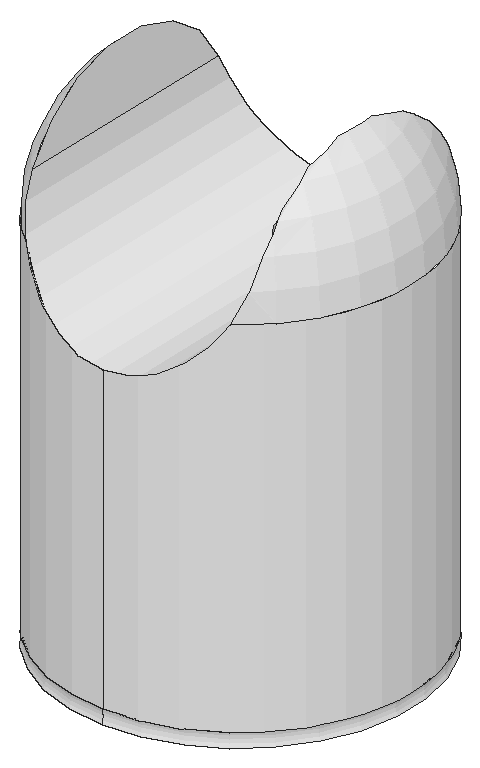
Revit family "Fixture_Wall_Bracket-American_Standard-8888.036", category Specialty Equipment, host Face, Revit 2014
Parameters (values of type "8888.036")
  Width = 1 1/2"
  Warranty Information = "One Year Limited Warranty"  # constant formula
  URL = "https://www.americanstandard-us.com/"
  Type Comments = ""
  Product Page URL = "https://www.americanstandard-us.com/bathroom/shower-faucets/fixed-wall-bracket-17031"
  Product Documentation Link = "https://www.americanstandard-us.com/-/media/sites/asus/files/product-specs/shower-faucets/2017/fixture-wall-bracket-and-slide-bar-8888036-1660225-1660236/spec-sheet-8888036-1660225-1660236.pdf?la=en"
  Price = "Prices may vary. Please consult Manufacturer Representative for most up-to-date price list."  # constant formula
  Model = "8888.036"
  Material = "Brass-American Standard-002-Polished Chrome"
  Manufacturer = "American Standard"
  Length = 2 3/16"
  Installation Type = "Wall Mounted"  # constant formula
  Finish = Brass-American Standard-002-Polished Chrome
  Description = "Fixture Wall Bracket"  # constant formula
  Default Elevation = 56"  # constant formula
  Creation Date = "01/01/2018"  # constant formula
  Assembly Code = "C1030200"
Reference planes (in)
  plane 1 "Center (Front/Back)": y = 0
  plane 2: z = 0
  plane 3 "Center (Left/Right)": x = 0
  plane 4: z = 2.1875
  plane 5: y = 0.75
  plane 6: y = -0.75
Forms (in)
  Extrusion 1, void
    sketch origin (1.75, 0.05656, -0.31568) x (0, 0, 1) y (-1, 0, 0)
      loop
        line (2.19727, 1.25) -> (3.31947, 1.25) -> (3.31947, 2.25) -> (2.19727, 2.25)
        arc (2.19727, 2.25) -> (1.69727, 1.75) -> (2.19727, 1.25) r 0.5
    from -0.89529 to 1.0084
  Extrusion 2, void
    sketch origin (0, 0, 0) x (1, 0, 0) y (0, 1, 0)
      loop
        circle (0, 0.4251) r 0.15717
    from 1.04576 to 2.25882
  Revolve 3, solid, material "Brass-American Standard-002-Polished Chrome" <- "Finish"
    sketch origin (0, 0, -1.22313) x (0, 0, 1) y (0, 1, 0)
      loop
        line (1.22313, 0) -> (3.57227, 0) -> (3.57227, 0.05131)
        arc (3.57227, 0.05131) -> (3.36763, 0.54536) -> (2.87358, 0.75) r 0.69869
        line (2.87358, 0.75) -> (1.28456, 0.75)
        arc (1.28456, 0.75) -> (1.25385, 0.74418) -> (1.22313, 0.75) r 0.08395
        line (1.22313, 0.75) -> (1.22313, 0)
      axis (1.22313, 0) -> (3.57227, 0)
    angle from 0 to 360
Cuts and joins
  Extrusion 1, Extrusion 2 cuts Revolve 3
Lines and regions (in)
  Masking region 1
    outline origin (0, 0, 0) x (1, 0, 0) y (0, 0, 1)
      loop
        line (-0.75, 0) -> (0.75, 0)
        arc (0.75, 0) -> (0.74375, 0.03071) -> (0.75, 0.06143) r 0.07861
        line (0.75, 0.06143) -> (0.75, 1.66241)
        arc (0.75, 1.66241) -> (0.68428, 1.95209) -> (0.5, 2.18507) r 0.67135
        line (0.5, 2.18507) -> (0.5, 1.88158)
        arc (0.5, 1.88158) -> (0, 1.38158) -> (-0.5, 1.88158) r 0.5
        line (-0.5, 1.88158) -> (-0.5, 2.18507)
        arc (-0.5, 2.18507) -> (-0.68428, 1.95209) -> (-0.75, 1.66241) r 0.67135
        line (-0.75, 1.66241) -> (-0.75, 0.06143)
        arc (-0.75, 0.06143) -> (-0.74375, 0.03071) -> (-0.75, 0) r 0.07861
  symbolic lines, detail levels fine
    curve 1: line (-0.75, 0, 0.06143) -> (0.75, 0, 0.06143)
Dimensions and locks (in)
  "Length": plane 2 to plane 4
  "Width": plane 5 to plane 6
  aligned and locked: plane 2 to host face
  aligned and locked: level to host face
Automatic sketch dimensions
  level to curve 1 = 0.06143"
  curve 1 to plane 3 "Center (Left/Right)" = 3/4"
  plane 3 "Center (Left/Right)" to curve 1 = 3/4"
  host sketch curve to host sketch curve = 96"  (x2)
  Extrusion 1 sketch curve to plane 3 "Center (Left/Right)" = 0"
  plane 4 to Extrusion 1 sketch curve = 0.30592"
  Extrusion 1 sketch curve to plane 4 = 0.81628"
  plane 3 "Center (Left/Right)" to Extrusion 1 sketch curve = 1/2"
  Extrusion 2 sketch curve to plane 3 "Center (Left/Right)" = 0"
  Extrusion 2 sketch curve to plane 5 = 0.3249"
  Revolve 3 sketch curve to level = 0"
  Revolve 3 sketch curve to plane 5 = 0"  (x2)
  Revolve 3 sketch curve to plane 1 "Center (Front/Back)" = 0"  (x2)
  level to Revolve 3 sketch curve = 0.03071"
  plane 4 to Revolve 3 sketch curve = 0.53706"
  Revolve 3 sketch curve to plane 4 = 0.16163"
  plane 5 to Revolve 3 sketch curve = 5/64"
  Revolve 3 sketch curve to Revolve 3 sketch curve = 0"
  Revolve 3 sketch curve to Revolve 3 sketch curve = 2 1/2"
  Masking region 1 sketch curve to level = 0"
  Masking region 1 sketch curve to plane 3 "Center (Left/Right)" = 0"
  Masking region 1 sketch curve to plane 3 "Center (Left/Right)" = 0.07865"
  plane 4 to Masking region 1 sketch curve = 0.00243"
  Masking region 1 sketch curve to plane 3 "Center (Left/Right)" = 1/2"
  Masking region 1 sketch curve to plane 3 "Center (Left/Right)" = 3/4"
  Masking region 1 sketch curve to Masking region 1 sketch curve = 0"  (x2)
  level to Masking region 1 sketch curve = 0.03071"  (x2)
  Masking region 1 sketch curve to Masking region 1 sketch curve = 0.07236"  (x2)
  plane 3 "Center (Left/Right)" to Masking region 1 sketch curve = 0.07865"
  Masking region 1 sketch curve to Masking region 1 sketch curve = 1/4"
  plane 4 to Masking region 1 sketch curve = 0.52509"
  Masking region 1 sketch curve to Masking region 1 sketch curve = 0.21918"
  radius of Extrusion 2 sketch curve = 0.15717"
